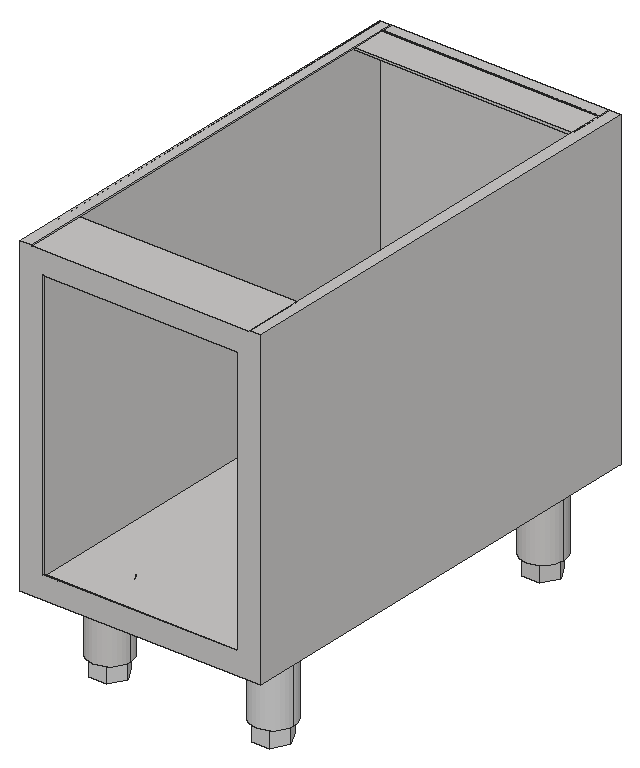
Revit family "QF_ELECTROLUXPROFESSIONAL_169029_AV16", category Specialty Equipment, Revit 2018
Family settings
  Round Connector Dimension = Use Diameter
  Part Type = Normal
  Work Plane-Based = No
  Always vertical = Yes
  Cut with Voids When Loaded = No
  Shared = Yes
  Room Calculation Point = No
Parameters
  Weight = "33 lbs."
  URL Manufacturer = "www.electrolux.com/foodservice"
  URL Cutsheet = "www.electrolux.com/foodservice"
  URL = "www.electrolux.com/foodservice"
  Type Mark [instance] = ""
  Type Comments = ""
  Status [instance] = ""
  Specification by User [instance] = ""
  Specification by Manufacturer = ""
  Serial Number = ""
  Seismic Rating = ""
  SMACNA No = ""
  Revision Code [instance] = ""
  Omniclass Number and Title = ""
  NAFEM Spec ID Number = ""
  Model = "AV16"
  MasterSpec. = ""
  Manufacturer = "ELECTROLUX"
  Item Number [instance] = ""
  Installed By [instance] = ""
  Identify Quantity as Lot [instance] = yes
  Furnished By [instance] = ""
  Foodservice Equipment Identifier [instance] = yes
  Direct Waste Size = 0"
  Description = "Open Cupboard 16\""
  CSI MasterFormat = ""
  CSI Master Format = ""
Reference planes (in)
  plane 1 "BACK": y = 0
  plane 2: z = 0
  plane 3 "LEFT": x = 0
  plane 4 "RIGHT": x = 16
  plane 5 "FRONT": y = -29.9375
  plane 6 "TOP": z = 26.75
  plane 7: z = 5.875
  plane 8: x = 13.4375
  plane 9: x = 2.5625
Forms (in)
  Extrusion 1, solid, material "QF_Finishes_Handrails and Railings"
    sketch origin (0.0822, 0.07031, 0) x (1, 0, 0) y (0, 1, 0)
      loop
        line (3.07085, -24.73494) -> (1.88975, -24.73494) -> (1.2992, -25.75781) -> (1.88975, -26.78067) -> (3.07085, -26.78067) -> (3.6614, -25.75781) -> (3.07085, -24.73494)
    from 0 to 1.1811
  Revolve 2, solid, material "QF_Finishes_Stainless Steel"
    sketch origin (0.0822, -25.6875, 0) x (1, 0, 0) y (0, 0, 1)
      loop
        line (2.4803, 1.1811) -> (2.4803, 5.875) -> (1.10235, 5.875) -> (1.10235, 1.1811) -> (2.4803, 1.1811)
      axis (2.4803, 5.875) -> (2.4803, 1.1811)
    angle from 0 to 360
  Extrusion 3, solid, material "QF_Finishes_Stainless Steel"
    sketch origin (0.0822, 22.50781, 0) x (1, 0, 0) y (0, 1, 0)
      loop
        line (3.07085, -24.73494) -> (1.88975, -24.73494) -> (1.2992, -25.75781) -> (1.88975, -26.78067) -> (3.07085, -26.78067) -> (3.6614, -25.75781) -> (3.07085, -24.73494)
    from 0 to 1.1811
  Revolve 4, solid, material "QF_Finishes_Stainless Steel"
    sketch origin (0.0822, -3.25, 0) x (1, 0, 0) y (0, 0, 1)
      loop
        line (2.4803, 1.1811) -> (2.4803, 5.875) -> (1.10235, 5.875) -> (1.10235, 1.1811) -> (2.4803, 1.1811)
      axis (2.4803, 5.875) -> (2.4803, 1.1811)
    angle from 0 to 360
  Extrusion 5, solid, material "QF_Finishes_Handrails and Railings"
    sketch origin (10.9572, 0.07031, 0) x (1, 0, 0) y (0, 1, 0)
      loop
        line (3.07085, -24.73494) -> (1.88975, -24.73494) -> (1.2992, -25.75781) -> (1.88975, -26.78067) -> (3.07085, -26.78067) -> (3.6614, -25.75781) -> (3.07085, -24.73494)
    from 0 to 1.1811
  Revolve 6, solid, material "QF_Finishes_Handrails and Railings"
    sketch origin (10.9572, -25.6875, 0) x (1, 0, 0) y (0, 0, 1)
      loop
        line (2.4803, 1.1811) -> (2.4803, 5.875) -> (1.10235, 5.875) -> (1.10235, 1.1811) -> (2.4803, 1.1811)
      axis (2.4803, 5.875) -> (2.4803, 1.1811)
    angle from 0 to 360
  Extrusion 7, solid, material "QF_Finishes_Stainless Steel"
    sketch origin (10.9572, 22.50781, 0) x (1, 0, 0) y (0, 1, 0)
      loop
        line (3.07085, -24.73494) -> (1.88975, -24.73494) -> (1.2992, -25.75781) -> (1.88975, -26.78067) -> (3.07085, -26.78067) -> (3.6614, -25.75781) -> (3.07085, -24.73494)
    from 0 to 1.1811
  Revolve 8, solid, material "QF_Finishes_Stainless Steel"
    sketch origin (10.9572, -3.25, 0) x (1, 0, 0) y (0, 0, 1)
      loop
        line (2.4803, 1.1811) -> (2.4803, 5.875) -> (1.10235, 5.875) -> (1.10235, 1.1811) -> (2.4803, 1.1811)
      axis (2.4803, 5.875) -> (2.4803, 1.1811)
    angle from 0 to 360
  Extrusion 9, solid, material "QF_Finishes_Stainless Steel"
    sketch origin (0, 0, 0) x (1, 0, 0) y (0, 0, 1)
      loop
        line (0, 5.875) -> (16, 5.875) -> (16, 26.6875) -> (0, 26.6875) -> (0, 5.875)
    from 0 to 0.0625
  Extrusion 10, solid, material "QF_Finishes_Stainless Steel"
    sketch origin (0, -30.3125, 0) x (1, 0, 0) y (0, 0, 1)
      loop
        line (0.0625, 5.9375) -> (15.9375, 5.9375) -> (15.9375, 26.6875) -> (0.0625, 26.6875) -> (0.0625, 5.9375)
      loop
        line (14.5, 25.25) -> (1.5, 25.25) -> (1.5, 7.375) -> (14.5, 7.375) -> (14.5, 25.25)
    from -0.4375 to -0.375
  Extrusion 11, solid, material "QF_Finishes_Stainless Steel"
    sketch origin (0, 0, 0) x (1, 0, 0) y (0, 0, 1)
      loop
        line (16, 26.75) -> (15.25, 26.75) -> (15.25, 26.6875) -> (15.9375, 26.6875) -> (15.9375, 5.9375) -> (0.0625, 5.9375) -> (0.0625, 26.6875) -> (0.75, 26.6875) -> (0.75, 26.75) -> (0, 26.75) -> (0, 5.875) -> (16, 5.875) -> (16, 26.75)
    from 0 to 29.9375
  Extrusion 12, solid, material "QF_Finishes_Stainless Steel"
    sketch origin (0, 0, 26.6875) x (1, 0, 0) y (0, 1, 0)
      loop
        line (0.75, 0) -> (0.75, -0.75) -> (15.25, -0.75) -> (15.25, 0) -> (0.75, 0)
    from 0 to 0.0625
  Extrusion 13, solid, material "QF_Finishes_Stainless Steel"
    sketch origin (0, -29.1875, 26.5625) x (1, 0, 0) y (0, 1, 0)
      loop
        line (0.75, 3.25) -> (0.75, -0.6875) -> (15.25, -0.6875) -> (15.25, 3.25) -> (0.75, 3.25)
      loop
        line (0.75, 28.4375) -> (0.75, 26.1875) -> (15.25, 26.1875) -> (15.25, 28.4375) -> (0.75, 28.4375)
    from 0 to 0.125
Cuts and joins
  joined: Extrusion 9, Extrusion 10, Extrusion 11, Extrusion 13
Lines and regions (in)
  symbolic lines
    curve 1: line (0, 0, 0) -> (16, 0, 0)
    curve 2: line (0, -29.9375, 0) -> (0, 0, 0)
    curve 3: line (16, -29.9375, 0) -> (0, -29.9375, 0)
    curve 4: line (16, 0, 0) -> (16, -29.9375, 0)
    curve 5: line (15.25, -29.9375, 0) -> (0.75, -29.9375, 0)
    curve 6: line (15.25, -0.75, 0) -> (15.25, -29.9375, 0)
    curve 7: line (0.75, -0.75, 0) -> (15.25, -0.75, 0)
    curve 8: line (0.75, -29.9375, 0) -> (0.75, -0.75, 0)
    curve 9: line (0.75, -3, 0) -> (15.25, -3, 0)
    curve 10: line (15.25, -25.9375, 0) -> (0.75, -25.9375, 0)
    curve 11: line (15.25, -0.75, 0) -> (16, 0, 0)
    curve 12: line (0.75, -0.75, 0) -> (0, 0, 0)
Dimensions and locks (in)
  locked: plane 5 "FRONT" to plane 1 "BACK" at 29.9375
  plane 3 "LEFT" to plane 4 "RIGHT" = 16"  (x2)
  plane 6 "TOP" to level = 26 3/4"  (x3)
  plane 1 "BACK" to plane 5 "FRONT" = 29 15/16"
  plane 1 "BACK" to Extrusion 3 = 3 1/4"
  Extrusion 3 to Extrusion 1 = 22 7/16"
  plane 7 to level = 5 7/8"
  plane 5 "FRONT" to plane 1 "BACK" = 29 15/16"
  plane 4 "RIGHT" to plane 8 = 2 9/16"
  plane 4 "RIGHT" to plane 3 "LEFT" = 16"
  plane 9 to plane 3 "LEFT" = 2 9/16"
  plane 8 to plane 9 = 10 7/8"
  aligned and locked: level to plane 2
  aligned and locked: plane 5 "FRONT" to cut or joined group of Extrusion 9, Extrusion 10, Extrusion 11, Extrusion 13
